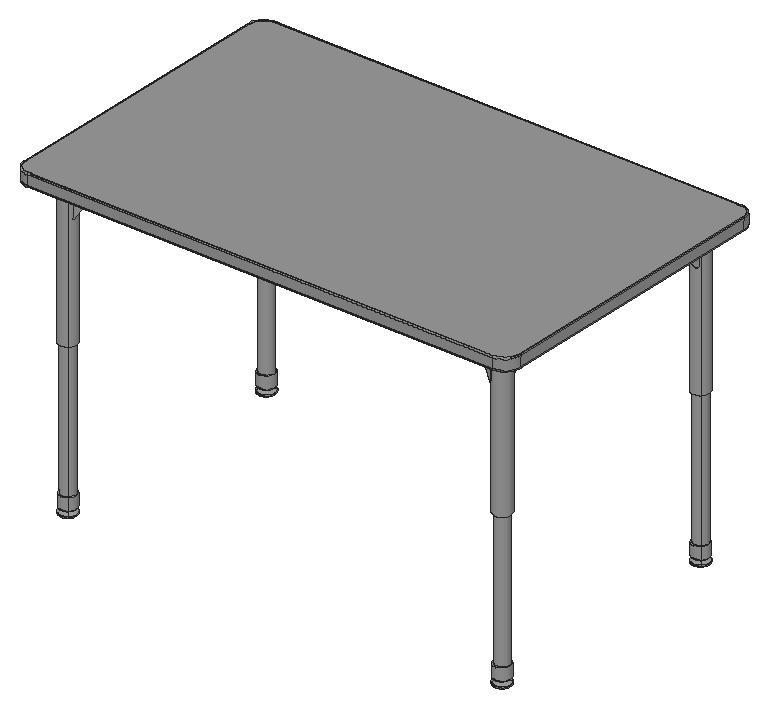
Revit family "Hierarchy Activity 48x30 Rectangle Table", category Furniture, Revit 2018
Family settings
  Work Plane-Based = No
  Always vertical = Yes
  Cut with Voids When Loaded = No
  Shared = No
  Room Calculation Point = No
Parameters
  Table Height = 2' - 5"
  Surface = Hierarchy Activity 48x30 Rectangle Table Surface
  Leg Finish = Hierarchy Leg Platinum
  Edgeband = Hierarchy Activity 48x30 Rectangle Table Edgeband
  Caster/Glide = Hierarchy Leg - Glide : Hierarchy Leg - Glide
Reference planes (in)
  plane 1 "Center (Front/Back)": y = 0
  plane 2: z = 0
  plane 3 "Center (Left/Right)": x = 0
  plane 4: z = 29
Dimensions and locks (in)
  "Table Height": plane 4 to level
  aligned and locked: plane 2 to level
  aligned and locked: nested 1 to plane 4
Nested families (in)
  nested 1: "Activity 48x30 Tabletop" at (0, 0, 5.075), type "Activity 48x30 Tabletop"
  nested 2: "Hierarchy Leg - Glide" at (-21, 12, 0) x (0.7071, 0.7071, 0) z (0, 0, 1), type <- "Caster/Glide", Leg Finish <- "Leg Finish", Leg Height <- "Table Height", type "Hierarchy Leg - Glide"
  nested 3: "Hierarchy Leg - Glide" at (-21, -12, 0) x (-0.7071, 0.7071, 0) z (0, 0, 1), type <- "Caster/Glide", Leg Finish <- "Leg Finish", Leg Height <- "Table Height", type "Hierarchy Leg - Glide"
  nested 4: "Hierarchy Leg - Glide" at (21, -12, 0) x (-0.7071, -0.7071, 0) z (0, 0, 1), Leg Finish <- "Leg Finish", Leg Height <- "Table Height", type "Hierarchy Leg - Glide"
    with Leg Height 2' - 5", Leg Finish Hierarchy Leg Platinum
  nested 5: "Hierarchy Leg - Glide" at (21, 12, 0) x (0.7071, -0.7071, 0) z (0, 0, 1), Leg Finish <- "Leg Finish", Leg Height <- "Table Height", type "Hierarchy Leg - Glide"
    with Leg Height 2' - 5", Leg Finish Hierarchy Leg Platinum
Definition of nested family "Activity 48x30 Tabletop"
  Parameters (values of type "Activity 48x30 Tabletop")
    Surface = none
    Edgeband = none
  Reference planes (in)
    plane 1 "Center (Front/Back)": y = 0
    plane 2: z = 0
    plane 3 "Center (Left/Right)": x = 0
  Forms (in)
    Extrusion 1, solid, material <- "Surface"
      sketch origin (0, 3, 0) x (1, 0, 0) y (0, 1, 0)
        loop
          line (22.5, 11.88189) -> (-22.5, 11.88189)
          arc (-22.5, 11.88189) -> (-23.47714, 11.47714) -> (-23.88189, 10.5) r 1.38189
          line (-23.88189, 10.5) -> (-23.88189, -16.5)
          arc (-23.88189, -16.5) -> (-23.47714, -17.47714) -> (-22.5, -17.88189) r 1.38189
          line (-22.5, -17.88189) -> (22.5, -17.88189)
          arc (22.5, -17.88189) -> (23.47714, -17.47714) -> (23.88189, -16.5) r 1.38189
          line (23.88189, -16.5) -> (23.88189, 10.5)
          arc (23.88189, 10.5) -> (23.47714, 11.47714) -> (22.5, 11.88189) r 1.38189
      from 23.925 to 25.125
    Sweep 2, solid, material <- "Edgeband"
      path origin (0, 3, 0) x (1, 0, 0) y (0, 1, 0)
        loop
          line (22.5, 11.88189) -> (-22.5, 11.88189)
          arc (-22.5, 11.88189) -> (-23.47714, 11.47714) -> (-23.88189, 10.5) r 1.38189
          line (-23.88189, 10.5) -> (-23.88189, -16.5)
          arc (-23.88189, -16.5) -> (-23.47714, -17.47714) -> (-22.5, -17.88189) r 1.38189
          line (-22.5, -17.88189) -> (22.5, -17.88189)
          arc (22.5, -17.88189) -> (23.47714, -17.47714) -> (23.88189, -16.5) r 1.38189
          line (23.88189, -16.5) -> (23.88189, 10.5)
          arc (23.88189, 10.5) -> (23.47714, 11.47714) -> (22.5, 11.88189) r 1.38189
      profile origin (0, 14.88189, 0) x (0, -1, 0) y (0, 0, 1)
        loop
          arc (-0.11811, 24.04311) -> (-0.08352, 23.95959) -> (0, 23.925) r 0.11811
          line (0, 23.925) -> (0, 25.125)
          arc (0, 25.125) -> (-0.08352, 25.09041) -> (-0.11811, 25.00689) r 0.11811
          line (-0.11811, 25.00689) -> (-0.11811, 24.04311)
  Dimensions and locks (in)
    aligned and locked: plane 2 to level
Definition of nested family "Hierarchy Leg - Glide"
  Parameters (values of type "Hierarchy Leg - Glide")
    Leg Finish [instance] = none
    Leg Height [instance] = 2' - 5"
  Reference planes (in)
    plane 1 "Center (Front/Back)": y = 0
    plane 2: z = 0
    plane 3 "Center (Left/Right)": x = 0
  Forms (in)
    Extrusion 1, solid
      sketch origin (-0.01562, 0, 0) x (1, 0, 0) y (0, 1, 0)
        loop
          circle (0.01563, 0) r 0.67016
      from 0.67618 to 16.17618
    Revolve 2, solid
      sketch origin (0, 0, 0) x (1, 0, 0) y (0, 0, 1)
        loop
          line (-0.73189, 1.80118) -> (-0.79439, 1.73867) -> (-0.79439, 0.61381) -> (-0.73176, 0.55118) -> (-0.125, 0.55118) -> (-0.125, 0.42618) -> (-0.84656, 0.16241) -> (-0.84656, 0.08994) -> (-0.81359, 0) -> (0, 0) -> (0, 1.80118) -> (-0.73189, 1.80118)
        axis (0, 1.80118) -> (0, 0)
      angle from 0 to 360
  Dimensions and locks (in)
    "Leg Height": nested 1 to level
    aligned and locked: plane 2 to level
  Automatic sketch dimensions
    plane 1 "Center (Front/Back)" to Extrusion 1 sketch curve = 0' - 0"
    Extrusion 1 sketch curve to plane 3 "Center (Left/Right)" = 0' - 0"
    Revolve 2 sketch curve to level = 0' - 0"
    Revolve 2 sketch curve to plane 3 "Center (Left/Right)" = 0' - 0"  (x2)
    Revolve 2 sketch curve to plane 3 "Center (Left/Right)" = 0' - 0 1/8"
    Revolve 2 sketch curve to Revolve 2 sketch curve = 0' - 0.60676"
    Revolve 2 sketch curve to Revolve 2 sketch curve = 0' - 0.73189"
    Revolve 2 sketch curve to Revolve 2 sketch curve = 0' - 0.06263"  (x2)
    Revolve 2 sketch curve to Revolve 2 sketch curve = 0' - 0.08183"
    Revolve 2 sketch curve to Revolve 2 sketch curve = 0' - 0.03297"
    level to Revolve 2 sketch curve = 0' - 0.08994"
    Revolve 2 sketch curve to Revolve 2 sketch curve = 0' - 0.07247"
    level to Revolve 2 sketch curve = 0' - 0.42618"
    Revolve 2 sketch curve to Revolve 2 sketch curve = 0' - 0 1/8"
    Revolve 2 sketch curve to Revolve 2 sketch curve = 0' - 1.12486"
    Revolve 2 sketch curve to Revolve 2 sketch curve = 0' - 0 1/16"
    Revolve 2 sketch curve to level = 2' - 0"
    Revolve 2 sketch curve to Revolve 2 sketch curve = 8' - 4.91764"
    radius of Extrusion 1 sketch curve = 0' - 0.67016"
  Nested families (in)
    nested 1: "Hierarchy Upper Leg 2023" at (0, 0, 1.19783), Shapes Leg Finish <- "Leg Finish", type "Hierarchy Upper Leg 2023"
      with Shapes Leg Finish none
  Definition of nested family "Hierarchy Upper Leg 2023"
    Parameters (values of type "Hierarchy Upper Leg 2023")
      Shapes Leg Finish [instance] = none
    Reference planes (in)
      plane 1 "Center (Front/Back)": y = 0
      plane 2: z = 0
      plane 3 "Center (Left/Right)": x = 0
    Forms (in)
      Extrusion 1, solid, material <- "Shapes Leg Finish"
        sketch origin (0, 0, 0) x (1, 0, 0) y (0, 1, 0)
          loop
            circle (0, 0) r 0.84802
        from 13.67618 to 27.67618
      Extrusion 2, solid, material <- "Shapes Leg Finish"
        sketch origin (0, 0, 0) x (1, 0, 0) y (0, 1, 0)
          loop
            line (-1.70174, 0.19183) -> (-2.88626, -2.26116)
            arc (-2.88626, -2.26116) -> (-2.83993, -3.09822) -> (-2.1063, -3.50394) r 0.86614
            line (-2.1063, -3.50394) -> (2.1063, -3.50394)
            arc (2.1063, -3.50394) -> (2.83993, -3.09822) -> (2.88626, -2.26116) r 0.86614
            line (2.88626, -2.26116) -> (1.70174, 0.19183)
            arc (1.70174, 0.19183) -> (0, 1.25984) -> (-1.70174, 0.19183) r 1.88976
        from 27.67618 to 27.80217
      Extrusion 3, solid, material <- "Shapes Leg Finish"
        sketch origin (-1.48519, 8.66524, 0) x (-0.434844, 0.900506, 0) y (0, 0, 1)
          loop
            line (-9.01425, 27.67618) -> (-11.80952, 27.67618)
            arc (-11.80952, 27.67618) -> (-11.92325, 27.58993) -> (-11.87088, 27.45715) r 0.11811
            arc (-11.87088, 27.45715) -> (-10.39364, 26.29679) -> (-9.23328, 24.81955) r 7.87402
            arc (-9.23328, 24.81955) -> (-9.1005, 24.76717) -> (-9.01425, 24.88091) r 0.11811
            line (-9.01425, 24.88091) -> (-9.01425, 27.67618)
        from -1.94075 to -1.81476
      Extrusion 4, solid, material <- "Shapes Leg Finish"
        sketch origin (1.48519, 8.66524, 0) x (0.434844, 0.900506, 0) y (0, 0, -1)
          loop
            line (-9.01425, -27.67618) -> (-9.01425, -24.88091)
            arc (-9.01425, -24.88091) -> (-9.1005, -24.76717) -> (-9.23328, -24.81955) r 0.11811
            arc (-9.23328, -24.81955) -> (-10.39364, -26.29679) -> (-11.87088, -27.45715) r 7.87402
            arc (-11.87088, -27.45715) -> (-11.92325, -27.58993) -> (-11.80952, -27.67618) r 0.11811
            line (-11.80952, -27.67618) -> (-9.01425, -27.67618)
        from -1.94075 to -1.81476
    Dimensions and locks (in)
      aligned and locked: plane 2 to level
